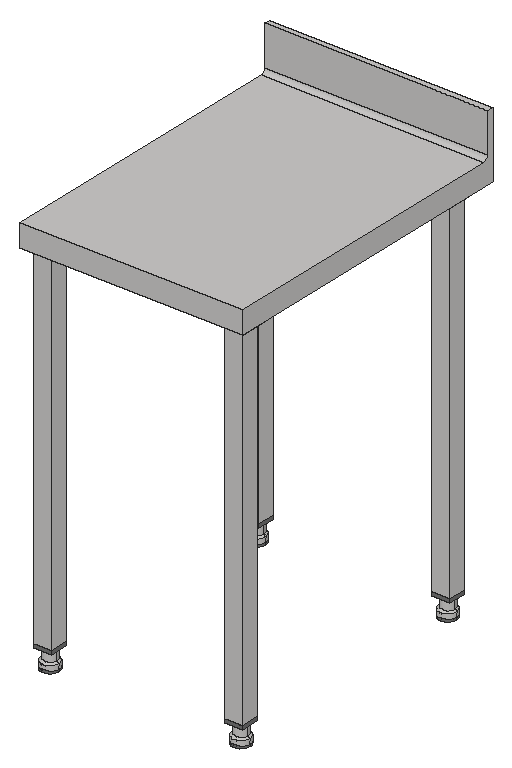
Revit family "QF_ELECTROLUXPROFESSIONAL_133227_TG500MHBN", category Attrezzature speciali, Revit 2020
Family settings
  Quota connettore circolare = Usa diametro
  Tipo di parte = Normale
  Basato su piano di lavoro = No
  Sempre verticale = Sì
  Taglio con vuoti quando caricato = No
  Condiviso = No
  Punto di calcolo locali = No
Parameters (values of type "Standard")
  Weight = 18.00 kg
  Watts = 0 W
  Volts = 0 V
  URL Manufacturer = "https://www.electroluxprofessional.com/"
  URL = "https://www.electroluxprofessional.com/"
  Steam Supply Size = 0 mm
  Steam Supply Minimum Pressure = 0.0 Pa
  Steam Supply Maximum Pressure = 0.0 Pa
  Steam Consumption per Hour = 0
  Refrigeration Suction Line Size = 0.0 mm
  Refrigeration Liquid Line Size = 0.0 mm
  Refrigerant Compressor Remote = yes
  Prospetto di default = 0.0 mm
  Produttore = "Electrolux Professional"
  Phase = 0
  Modello = "TG500MHBN"
  Length Actual = 500.0 mm  # constant formula
  Item Number = "133227"
  Hot Water Size = 0 mm
  Height Actual = 1000.0 mm  # constant formula
  HP = "0 HP"
  Gas Size = 0 mm
  Gas KW = 0
  Gas Input Pressure = 0 W
  Direct Waste Size = 0 mm
  Descrizione = "WORK TABLE WITH UPSTAND 500 MM"
  Depth Actual = 700.0 mm  # constant formula
  Cycle = 0 Hz
  Condensate Return Size = 0 mm
  Compressed Air Volume = 0.0 L/s
  Compressed Air Size = 0 mm
  Compressed Air Pressure = 0.0 Pa
  Cold Water Size = 0 mm
  Accessory = yes
Reference planes
  plane 1 "Center (Front/Back)": y = 0
  plane 2: z = 0
  plane 3 "Center (Left/Right)": x = 250
  plane 4 "LEFT": x = 0
  plane 5 "RIGHT": x = 500
  plane 6 "BACK": y = 350
  plane 7 "FRONT": y = -350
  plane 8 "Base": z = 850
  plane 9 "TOP": z = 900
  plane 10: x = 35.5
  plane 11: x = 464.5
  plane 12: y = 269.5
  plane 13: y = -310.5
Forms (mm)
  Extrusion 1, solid, material "QF_Finishes_Stainless Steel"
    sketch origin (250, 0, 0) x (0, 1, 0) y (0, 0, 1)
      loop
        line (-350, 850) -> (350, 850) -> (350, 1000) -> (337, 1000) -> (337, 910)
        arc (337, 910) -> (334.071, 902.929) -> (327, 900) r 10
        line (327, 900) -> (-350, 900) -> (-350, 850)
    from 250 to -250
Lines and regions (mm)
  symbolic lines
    curve 1: line (500, 350, 900) -> (0, 350, 900)
    curve 2: line (0, 350, 900) -> (0, -350, 900)
    curve 3: line (0, -350, 900) -> (500, -350, 900)
    curve 4: line (500, -350, 900) -> (500, 350, 900)
    curve 5: line (500, 337, 900) -> (0, 337, 900)
Dimensions and locks
  plane 4 "LEFT" to plane 5 "RIGHT" = 500.0 mm
  equal spacing: plane 4 "LEFT", plane 3 "Center (Left/Right)", plane 5 "RIGHT"
  locked: plane 8 "Base" to level at 850
  plane 4 "LEFT" to plane 10 = 35.5 mm
  plane 11 to plane 5 "RIGHT" = 35.5 mm
  plane 10 to plane 11 = 429.0 mm
  locked: Extrusion 1 to level at 1000
  plane 9 "TOP" to level = 900.0 mm
  plane 6 "BACK" to plane 12 = 80.5 mm
  plane 13 to plane 7 "FRONT" = 39.5 mm
  plane 6 "BACK" to plane 7 "FRONT" = 700.0 mm
  plane 12 to plane 13 = 580.0 mm
  equal spacing: plane 6 "BACK", plane 1 "Center (Front/Back)", plane 7 "FRONT"
  aligned and locked: level to plane 2
  aligned and locked: plane 10 to nested 1
  aligned and locked: nested 1 to plane 13
  aligned and locked: plane 11 to nested 2
  aligned and locked: nested 2 to plane 13
  aligned and locked: plane 11 to nested 4
  aligned and locked: nested 4 to plane 12
  aligned and locked: plane 10 to nested 3
  aligned and locked: nested 3 to plane 12
  aligned and locked: Extrusion 1 to plane 4 "LEFT"
  aligned and locked: plane 5 "RIGHT" to Extrusion 1
  aligned and locked: curve 2 to plane 4 "LEFT"
Automatic sketch dimensions
  Extrusion 1 sketch curve to plane 7 "FRONT" = 0.0 mm
  Extrusion 1 sketch curve to plane 9 "TOP" = 0.0 mm
  Extrusion 1 sketch curve to plane 6 "BACK" = 0.0 mm
  Extrusion 1 sketch curve to plane 8 "Base" = 0.0 mm
  plane 9 "TOP" to Extrusion 1 sketch curve = 10.0 mm
  Extrusion 1 sketch curve to plane 6 "BACK" = 13.0 mm
  Extrusion 1 sketch curve to Extrusion 1 sketch curve = 90.0 mm
  curve 3 to plane 7 "FRONT" = 0.0 mm
  curve 5 to plane 5 "RIGHT" = 0.0 mm
  curve 4 to plane 6 "BACK" = 0.0 mm
  curve 5 to plane 6 "BACK" = 13.0 mm
Nested families
  nested 1: "FEET_40x40_APP42" at (35.5, -310.5, 0), type "FEET_40x40_APP42"
  nested 2: "FEET_40x40_APP42" at (464.5, -310.5, 0), type "FEET_40x40_APP42"
  nested 3: "FEET_40x40_APP42" at (35.5, 269.5, 0), type "FEET_40x40_APP42"
  nested 4: "FEET_40x40_APP42" at (464.5, 269.5, 0), type "FEET_40x40_APP42"
Definition of nested family "FEET_40x40_APP42"
  Parameters
    Default Elevation = 0.0 mm
    FEET = 850.0 mm
  Reference planes
    plane 1 "Center (Front/Back)": y = 0
    plane 2: z = 0
    plane 3 "Center (Left/Right)": x = 0
    plane 4: z = 850
  Forms (mm)
    Extrusion 1, solid
      sketch origin (0, 0, 0) x (1, 0, 0) y (0, 1, 0)
        loop
          line (-20, -20) -> (20, -20) -> (20, 20) -> (-20, 20) -> (-20, -20)
      from 50 to 845
    Extrusion 2, solid
      sketch origin (0, 0, 0) x (1, 0, 0) y (0, 1, 0)
        loop
          circle (0, 0) r 20
      from 0 to 5
    Extrusion 3, solid
      sketch origin (0, 0, 0) x (1, 0, 0) y (0, 1, 0)
        loop
          line (30, 30) -> (-30, 30) -> (-30, -30) -> (30, -30) -> (30, 30)
      from 845 to 850
    Extrusion 4, solid
      sketch origin (0, 0, 0) x (1, 0, 0) y (0, 1, 0)
        loop
          line (-20, -20) -> (20, -20) -> (20, 20) -> (-20, 20) -> (-20, -20)
      from 50 to 42
    Revolve 5, solid
      sketch origin (0, 0, 0) x (1, 0, 0) y (0, 0, 1)
        loop
          line (0, 42) -> (-15, 42) -> (-15, 20) -> (-20, 15) -> (-20, 5) -> (0, 5) -> (0, 42)
        axis (0, 42) -> (0, 5)
      angle from 0 to 360
  Lines and regions (mm)
    symbolic lines
      curve 1: line (0, -1.503, 0) -> (0, 1.508, 0)
      curve 2: line (1.561, 0, 0) -> (-1.439, 0, 0)
  Dimensions and locks
    "FEET": plane 4 to plane 2
    aligned and locked: level to plane 2
  Automatic sketch dimensions
    plane 1 "Center (Front/Back)" to curve 2 = 0.0 mm
    curve 1 to plane 3 "Center (Left/Right)" = 0.0 mm
    curve 2 to plane 3 "Center (Left/Right)" = 1.439 mm
    plane 3 "Center (Left/Right)" to curve 2 = 1.561 mm
    plane 1 "Center (Front/Back)" to curve 1 = 1.503 mm
    curve 1 to plane 1 "Center (Front/Back)" = 1.508 mm
    Extrusion 1 sketch curve to plane 3 "Center (Left/Right)" = 20.0 mm
    plane 3 "Center (Left/Right)" to Extrusion 1 sketch curve = 20.0 mm
    plane 1 "Center (Front/Back)" to Extrusion 1 sketch curve = 20.0 mm
    Extrusion 1 sketch curve to plane 1 "Center (Front/Back)" = 20.0 mm
    plane 1 "Center (Front/Back)" to Extrusion 2 sketch curve = 0.0 mm
    Extrusion 2 sketch curve to plane 3 "Center (Left/Right)" = 0.0 mm
    Extrusion 3 sketch curve to plane 3 "Center (Left/Right)" = 30.0 mm
    plane 3 "Center (Left/Right)" to Extrusion 3 sketch curve = 30.0 mm
    plane 1 "Center (Front/Back)" to Extrusion 3 sketch curve = 30.0 mm
    Extrusion 3 sketch curve to plane 1 "Center (Front/Back)" = 30.0 mm
    Extrusion 4 sketch curve to plane 3 "Center (Left/Right)" = 20.0 mm
    plane 3 "Center (Left/Right)" to Extrusion 4 sketch curve = 20.0 mm
    plane 1 "Center (Front/Back)" to Extrusion 4 sketch curve = 20.0 mm
    Extrusion 4 sketch curve to plane 1 "Center (Front/Back)" = 20.0 mm
    Revolve 5 sketch curve to plane 3 "Center (Left/Right)" = 0.0 mm  (x2)
    Revolve 5 sketch curve to plane 3 "Center (Left/Right)" = 15.0 mm
    Revolve 5 sketch curve to Revolve 5 sketch curve = 5.0 mm  (x3)
    level to Revolve 5 sketch curve = 5.0 mm
    Revolve 5 sketch curve to Revolve 5 sketch curve = 10.0 mm
    Revolve 5 sketch curve to Revolve 5 sketch curve = 22.0 mm
    Revolve 5 sketch curve to level = 9.561 mm
    radius of Extrusion 2 sketch curve = 20.0 mm
